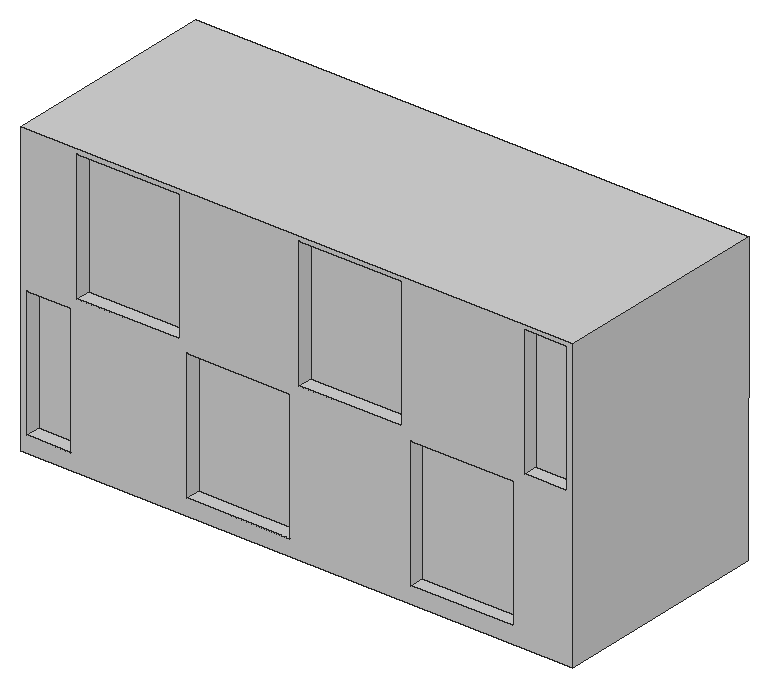
Revit family "SA 4H6W", category Mechanical Equipment, Revit 2019
Family settings
  Round Connector Dimension = Use Diameter
  Part Type = Normal
  OmniClass Number = 23.75.00.00
  OmniClass Title = Climate Control (HVAC)
  Work Plane-Based = No
  Always vertical = Yes
  Cut with Voids When Loaded = No
  Shared = No
  Room Calculation Point = No
Parameters (values of type "4H6W SA")
  Width = 5' - 4 1/2"
  Weight (lbs.) = "2927"
  URL = "www.renewaire.com"
  Model = "4H6W SA"
  Manufacturer = "Renewaire LLC"
  Length = 16' - 3 3/8"
  Housing = Metal - RenewAire - Anodized - Gray Text
  Height = 7' - 1 1/2"
  Description = "Energy Recovery Ventilator"
  Cores (L125-G5) = "24"
  Assembly Code = ""
  Airflow Range (CFM) = "6,000-26,400"
Reference planes (in)
  plane 1 "Center (Front/Back)": y = 0
  plane 2: z = 0
  plane 3 "Center (Left/Right)": x = 0
Forms (in)
  Extrusion 1, solid, material "Metal - RenewAire - Anodized - Gray Text" <- "Housing"
    sketch origin (0, -16.07731, 0) x (0, 1, 0) y (0, 0, 1)
      loop
        line (32.26413, 105.375) -> (-32.26413, 105.375) -> (-32.26413, 19.875) -> (32.26413, 19.875) -> (32.26413, 105.375)
    from 0 to 162.875
  Extrusion 2, void
    sketch origin (-0.33054, -14.11828, 19.50578) x (1, 0, 0) y (0, 0, 1)
      loop
        line (2.375, 43.5) -> (2.375, 5.25) -> (15.17072, 5.25) -> (15.17072, 43.5) -> (2.375, 43.5)
      loop
        line (49.50854, 43.5) -> (49.50854, 5.25) -> (79.83716, 5.25) -> (79.83716, 43.5) -> (49.50854, 43.5)
      loop
        line (47.32983, 84.75) -> (17.00122, 84.75) -> (17.00122, 46.5) -> (47.32983, 46.5) -> (47.32983, 84.75)
      loop
        line (82.52479, 84.75) -> (82.52479, 46.5) -> (112.77479, 46.5) -> (112.77479, 84.75) -> (82.52479, 84.75)
      loop
        line (115.375, 43.5) -> (115.375, 5.25) -> (145.625, 5.25) -> (145.625, 43.5) -> (115.375, 43.5)
      loop
        line (148.85585, 84.75) -> (148.85585, 46.5) -> (161.23085, 46.5) -> (161.23085, 84.75) -> (148.85585, 84.75)
    from 30 to 38.22316
  Extrusion 3, void
    sketch origin (-1.12484, 49.88172, -1.12139) x (1, 0, 0) y (0, 0, 1)
      loop
        line (3.17072, 64.13227) -> (3.17072, 25.88013) -> (15.96643, 25.88013) -> (15.96643, 64.13227) -> (3.17072, 64.13227)
      loop
        line (50.30426, 64.13227) -> (50.30426, 25.88013) -> (80.63287, 25.88013) -> (80.63287, 64.13227) -> (50.30426, 64.13227)
      loop
        line (48.12555, 105.38227) -> (17.79694, 105.38227) -> (17.79694, 67.13227) -> (48.12555, 67.13227) -> (48.12555, 105.38227)
      loop
        line (83.32051, 105.38227) -> (83.32051, 67.13227) -> (113.5691, 67.13227) -> (113.5691, 105.38227) -> (83.32051, 105.38227)
      loop
        line (146.41931, 64.12718) -> (116.16931, 64.12718) -> (116.16931, 25.87718) -> (146.41931, 25.87718) -> (146.41931, 64.12718)
      loop
        line (162.02515, 105.37718) -> (149.65015, 105.37718) -> (149.65015, 67.12718) -> (162.02515, 67.12718) -> (162.02515, 105.37718)
    from 30 to 38.22316
Cuts and joins
  Extrusion 2, Extrusion 3 cuts Extrusion 1
Dimensions and locks (in)
  aligned and locked: level to plane 2
